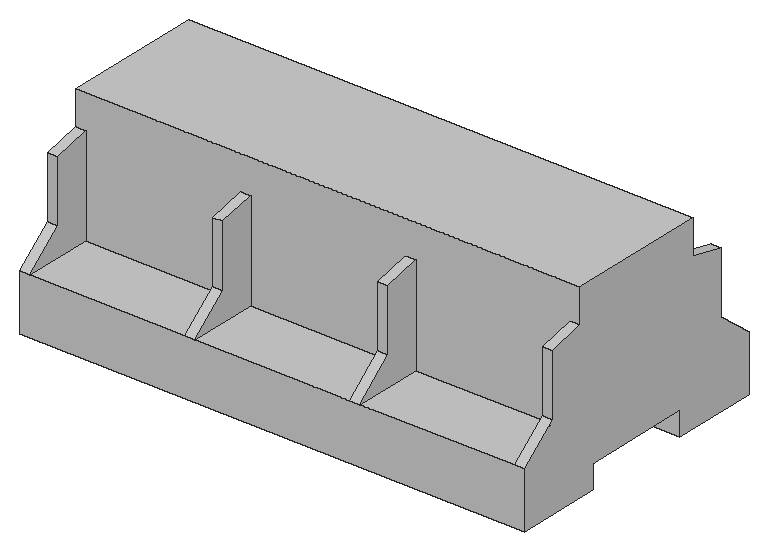
Revit family "Lighting_Controller-Lutron-Energi_Savr_Node-QSNE-2DAL-D---", category Lighting Devices, host Face, Revit 2015
Parameters (values of type "ERROR_LOAD TYPE CATALOG")
  Version = 1
  URL = "http://www.lutron.com"
  Tier 1 Bend = 17.959 mm
  Thomas Enterprise Solutions URL = "http://www.thomasenterprisesolutions.com/"
  Symbolic Lines Visibility [instance] = yes
  Series = "DALI"
  Product Page URL = "http://www.lutron.com/en-US/Service-Support/Pages/Technical/ProductSpecification.aspx?syst=Whole+Building+Systems&prodn=Quantum%C2%AE"
  Overall Width = 161.727 mm
  Overall Height = 89.694 mm
  Overall Depth = 60.623 mm
  Output Voltage = 18 V
  Module Void Width = (Overall Width - (4 * Fin Width)) / 3  # 49.676 mm
  Model = "QSNE-2DAL-D"
  Maximum Zone Quantity = 16
  Maximum Supply Amperage Per Bus = 250 mA
  Maximum Operating Temperature = 40 °C
  Maximum Device Quantity Per Bus = 100
  Maximum DALI Compliant Load Quantity = 64
  Manufacturer = "Lutron Electronics"  # constant formula
  Load Classification = Lighting
  Label = "LC"
  Input Voltage = 240 V
  Frequency [instance] = if([50 Hz Frequency], 50 Hz, 60 Hz)  # 60 Hz
  Fin Width = 3.175 mm
  ENGworks URL = "http://www.ENGworks.com/"
  Description = "Energi Savr Node with DALI (CE) - DIN-rail"
  Default Elevation = 1219.2 mm
  DIN Rail Height = 35.024 mm
  DIN Rail Depth = 7.541 mm
  Copyright = "© 2012 Lutron Electronics Co., Inc."  # constant formula
  Controller Enclosure Material = Plastic - Lutron - Gray
  Center Face Height = 45.045 mm
  Assembly Code = "D3060800"
  Apparent Load [instance] = 0 VA
  Annotation Symbol Visibility [instance] = yes
  60 Hz Frequency [instance] = not([50 Hz Frequency])  # yes
  50 Hz Frequency [instance] = no
Reference planes
  plane 1 "Center (Front/Back)": y = 0
  plane 2: z = 0
  plane 3 "Center (Left/Right)": x = 0
  plane 4: y = 44.847
  plane 5: y = -44.847
  plane 6: x = -80.863
  plane 7: x = 80.863
  plane 8: z = 60.623
  plane 9: z = 17.959
  plane 10: z = 73.323
  plane 11: x = -77.688
  plane 12: x = -28.013
  plane 13: x = 77.688
  plane 14: x = 28.013
  plane 15: x = -24.838
  plane 16: x = 24.838
  plane 17: y = 57.547
  plane 18: y = -57.547
  plane 19: y = 22.523
  plane 20: y = -22.523
Forms (mm)
  Sweep 1, solid, material "Plastic - Lutron - Gray" <- "Controller Enclosure Material"
    path origin (0, 0, 0) x (1, 0, 0) y (0, 1, 0)
      loop
        line (-80.863, 0) -> (80.863, 0)
    profile "Profile-DALI-Din : Standard" origin (0, 0, 0) x (0, 1, 0) y (0, 0, 1)
      loop
        line (17.512, 0) -> (44.847, 0) -> (44.847, 18) -> (33.638, 27.27) -> (33.638, 47.123)
        arc (33.638, 47.123) -> (28.108, 48.498) -> (22.523, 49.625) r 127.97
        line (22.523, 49.625) -> (22.523, 60.623) -> (-22.523, 60.623) -> (-22.523, 49.625)
        arc (-22.523, 49.625) -> (-28.108, 48.498) -> (-33.637, 47.123) r 127.97
        line (-33.637, 47.123) -> (-33.637, 27.27) -> (-44.847, 18) -> (-44.847, 0) -> (-17.512, 0) -> (-17.512, 7.541) -> (17.512, 7.541) -> (17.512, 0)
  Sweep 2, void
    path origin (0, 0, 0) x (0, 1, 0) y (0, 0, 1)
      loop
        line (0, 17.959) -> (0, 73.323)
    profile origin (0, 0, 45.641) x (0, -1, 0) y (1, 0, 0)
      loop
        line (-57.547, -77.688) -> (-22.523, -77.688) -> (-22.523, -28.013) -> (-57.547, -28.013) -> (-57.547, -77.688)
      loop
        line (-57.547, 24.838) -> (-57.547, -24.838) -> (-22.523, -24.838) -> (-22.523, 24.838) -> (-57.547, 24.838)
      loop
        line (-57.547, 28.013) -> (-22.523, 28.013) -> (-22.523, 77.688) -> (-57.547, 77.688) -> (-57.547, 28.013)
      loop
        line (22.523, -77.688) -> (57.547, -77.688) -> (57.547, -28.013) -> (22.523, -28.013) -> (22.523, -77.688)
      loop
        line (57.547, -24.838) -> (57.547, 24.838) -> (22.523, 24.838) -> (22.523, -24.838) -> (57.547, -24.838)
      loop
        line (22.523, 28.013) -> (57.547, 28.013) -> (57.547, 77.688) -> (22.523, 77.688) -> (22.523, 28.013)
Cuts and joins
  Sweep 2 cuts Sweep 1
Lines and regions (mm)
  symbolic lines, style "LightingDevices", visible <- "Symbolic Lines Visibility"
    curve 1: line (-80.863, 0, 60.623) -> (80.863, 0, 60.623)
    curve 2: line (-80.863, 0, 0) -> (-80.863, 0, 60.623)
    curve 3: line (80.863, 0, 0) -> (-80.863, 0, 0)
    curve 4: line (80.863, 0, 60.623) -> (80.863, 0, 0)
Dimensions and locks
  equal spacing: plane 6, plane 3 "Center (Left/Right)", plane 7
  equal spacing: plane 5, plane 1 "Center (Front/Back)", plane 4
  "Overall Height": plane 5 to plane 4
  "Overall Width": plane 6 to plane 7
  "Overall Depth": plane 8 to plane 2
  "Tier 1 Bend": plane 9 to plane 2
  locked: plane 10 to plane 8 at 12.7
  "Fin Width": plane 6 to plane 11
  "Fin Width": plane 13 to plane 7
  "Fin Width": plane 12 to plane 15
  "Fin Width": plane 16 to plane 14
  "Module Void Width": plane 11 to plane 12
  "Module Void Width": plane 14 to plane 13
  equal spacing: plane 18, plane 1 "Center (Front/Back)", plane 17
  plane 17 to plane 4 = 12.7 mm
  equal spacing: plane 20, plane 1 "Center (Front/Back)", plane 19
  "Center Face Height": plane 20 to plane 19
  aligned and locked: plane 2 to host face
  aligned and locked: level to host face
  aligned and locked: plane 7 to Sweep 1 sketch curve
  aligned and locked: plane 6 to Sweep 1 sketch curve
  aligned and locked: plane 1 "Center (Front/Back)" to Sweep 1 sketch curve
  aligned and locked: plane 10 to Sweep 2 sketch curve
  aligned and locked: plane 9 to Sweep 2 sketch curve
  aligned and locked: plane 1 "Center (Front/Back)" to Sweep 2 sketch curve
  aligned and locked: plane 19 to Sweep 2 sketch curve  (x2)
  aligned and locked: Sweep 2 sketch curve to plane 19
  aligned and locked: Sweep 2 sketch curve to plane 17  (x2)
  aligned and locked: plane 17 to Sweep 2 sketch curve
  aligned and locked: plane 11 to Sweep 2 sketch curve  (x2)
  aligned and locked: plane 12 to Sweep 2 sketch curve  (x2)
  aligned and locked: Sweep 2 sketch curve to plane 15  (x2)
  aligned and locked: Sweep 2 sketch curve to plane 16  (x2)
  aligned and locked: Sweep 2 sketch curve to plane 14  (x2)
  aligned and locked: Sweep 2 sketch curve to plane 13  (x2)
  aligned and locked: plane 20 to Sweep 2 sketch curve  (x2)
  aligned and locked: Sweep 2 sketch curve to plane 20
  aligned and locked: plane 18 to Sweep 2 sketch curve  (x2)
  aligned and locked: Sweep 2 sketch curve to plane 18
  aligned and locked: plane 3 "Center (Left/Right)" to nested 1
  aligned and locked: plane 1 "Center (Front/Back)" to nested 1
Automatic sketch dimensions
  host sketch curve to host sketch curve = 2438.4 mm  (x2)
  curve 3 to level = 0 mm
  curve 3 to plane 6 = 0 mm
  plane 7 to curve 3 = 0 mm
  curve 2 to plane 8 = 0 mm
Nested families
  nested 1: "Symbol-Lighting_Controller" at (0, 0, 0), visible <- "Annotation Symbol Visibility", type "Symbol-Lighting_Controller", detail levels coarse+medium
Connectors
  electrical at (80.863, 0, 26.273), driven by "Load Classification", driven by "Input Voltage", driven by "Apparent Load"
    settings: on cut or joined group of Sweep 1, Sweep 2, index 1, voltage 240 V, apparent load 0 VA, apparent load phase1 0 VA, apparent load phase2 0 VA, apparent load phase3 0 VA, power factor 1, load classification "Lighting", number of poles 1, system type 31, power factor state 1, is connector primary yes, connector utility no, sub classification motor no, connector description ""
  electrical at (-80.863, 0, 26.273)
    settings: on cut or joined group of Sweep 1, Sweep 2, index 2, voltage 0 V, apparent load 0 VA, apparent load phase1 0 VA, apparent load phase2 0 VA, apparent load phase3 0 VA, power factor 1, load classification "Other", number of poles 1, system type 13, power factor state 1, is connector primary no, connector utility no, sub classification motor no, connector description "Lighting Control Connection"
Definition of nested family "Symbol-Lighting_Controller"
  Parameters (values of type "Symbol-Lighting_Controller")
    Label = "LC"
  Reference planes
    plane 1: y = 0
    plane 2: x = 0
  Lines and regions (mm)
    detail lines
      curve 1: line (-1.488, 0, 0) -> (1.488, 0, 0)
      curve 2: line (-2.53, 0, 0) -> (2.53, 0, 0)
      curve 3: line (-2.53, 5.06, 0) -> (-2.53, 0, 0)
      curve 4: line (2.53, 5.06, 0) -> (-2.53, 5.06, 0)
      curve 5: line (2.53, 0, 0) -> (2.53, 5.06, 0)
  Text (mm)
    label "LC" at (-0.057, 2.521, 0), shows "Label"
  Dimensions and locks
    aligned and locked: plane 1 to curve 1
